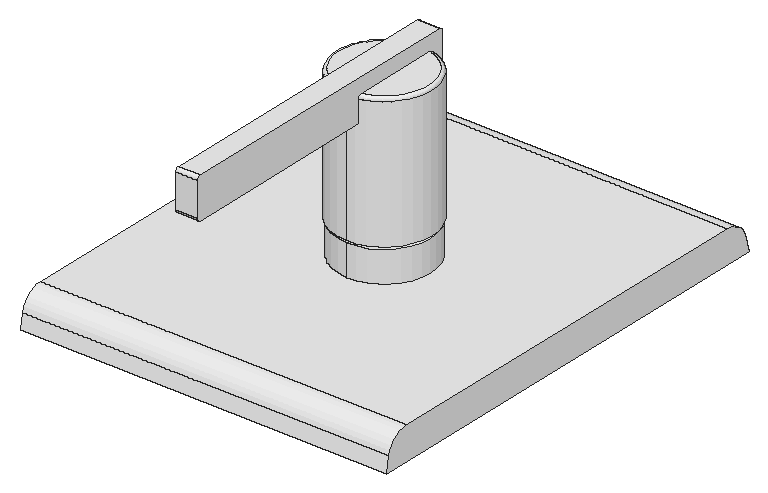
Revit family "Diverter-Valve_Only_Trim-American_Standard-Universal-TU007500.002", category Plumbing Fixtures, host Face, Revit 2019
Family settings
  Host = Face
  Round Connector Dimension = Use Diameter
  Part Type = Normal
  OmniClass Number = 23.45.05.14.17
  OmniClass Title = Showers
  Cut with Voids When Loaded = No
  Shared = Yes
  Room Calculation Point = No
Parameters (values of type "TU007500.002")
  Width = 6 11/16"
  Waste Connection = no
  Warranty Information = "Limited Lifetime Warranty"
  WFU = 4
  Vent Connection = no
  URL = "https://www.americanstandard-us.com"
  Type Comments = ""
  Tempered Water Connection = yes
  R117SS Pressure Balance Rough Valve Body only with Screwdriver stops = no
  R117 Pressure Balance Rough Valve Body only = no
  R110SS Pressure Balance Rough Valve Body only with Screwdriver stops = no
  R115SS Pressure Balance Rough Valve Body only with Screwdriver stops = no
  R115 Pressure Balance Rough Valve Body only = no
  R110 Pressure Balance Rough Valve Body only = no
  Product Page URL = "https://www.americanstandard-us.com/bath-shower-trim-kits/quest-valve-only-trim-kit-with-lever-handle/chrome-tu007500002"
  Product Documentation Link = "https://americanstandard.box.com/shared/static/srhqqu42ipmolik2fgdm98ihvtzftsrd.pdf"
  Price = "Prices may vary. Please consult Manufacturer Representative for most up-to-date price list."  # constant formula
  Model = "TU007500.002"
  Material = "Brass-American Standard-002-Polished Chrome"
  Manufacturer = "American Standard"
  LESS Valve Body = yes
  Installation Type = "Wall Mounted"
  Height = 8 1/4"
  HWFU = 3
  HW Connection = yes
  Finish = Brass-American Standard-002-Polished Chrome
  Description = "UNIVERSAL Quest Valve Only Trim Kit with Lever Handle and Pressure Balance Cartridge Valve Trim only. Metal Lever Handle. LESS Valve Body"
  Default Elevation = 48"  # constant formula
  Creation Date = "05/23/2024"
  Compliance Certifications = "ANSI A117.1"
  CWFU = 3
  CW Connection = yes
  Assembly Code = "D2020300"
  ADA Compliant = yes
Reference planes (in)
  plane 1 "Center (Front/Back)": y = 0.6875
  plane 2: z = 0
  plane 3 "Center (Left/Right)": x = 0
  plane 4: y = 2.625
  plane 5: y = 4.375
  plane 6: y = -3
  plane 7: x = -3.34375
  plane 8: x = 3.34375
  plane 9: y = 4.8125
  plane 10: y = -3.4375
  plane 11 "Trim Distance": z = -2
  plane 12: x = -2.9375
  plane 13: x = 2.9375
  plane 14: y = -1.25
  plane 15: z = -3
Forms (in)
  Extrusion 1, solid, material "Brass-American Standard-002-Polished Chrome" <- "Finish"
    sketch origin (0, 0.6875, 0) x (0, 1, 0) y (0, 0, 1)
      loop
        line (4.125, 0) -> (4.06894, 0.26375)
        arc (4.06894, 0.26375) -> (3.92414, 0.50004) -> (3.66292, 0.59254) r 0.41509
        line (3.66292, 0.59254) -> (-3.66292, 0.59254)
        arc (-3.66292, 0.59254) -> (-3.92414, 0.50004) -> (-4.06894, 0.26375) r 0.41509
        line (-4.06894, 0.26375) -> (-4.125, 0) -> (4.125, 0)
    from -3.34375 to 3.34375
  Revolve 2, solid, material "Brass-American Standard-002-Polished Chrome" <- "Finish"
    sketch origin (0, 5.85707, 1.4638) x (0, 1, 0) y (0, 0, 1)
      loop
        line (-4.2954, -0.24706) -> (-4.2954, 2.12455)
        arc (-4.2954, 2.12455) -> (-4.31298, 2.16698) -> (-4.3554, 2.18455) r 0.06
        line (-4.3554, 2.18455) -> (-5.16957, 2.18455) -> (-5.16957, -0.87126) -> (-4.32361, -0.87126) -> (-4.32361, -0.30798) -> (-4.86477, -0.30798) -> (-4.86477, -0.24706) -> (-4.2954, -0.24706)
      axis (-5.16957, 2.18455) -> (-5.16957, -0.87126)
    angle from 0 to 360
  Extrusion 3, solid, material "Brass-American Standard-002-Polished Chrome" <- "Finish"
    sketch origin (0, 5.85707, 0) x (0, 1, 0) y (0, 0, 1)
      loop
        line (-4.10213, 3.17261) -> (-4.10213, 3.85591)
        arc (-4.10213, 3.85591) -> (-4.1197, 3.89834) -> (-4.16213, 3.91591) r 0.06
        line (-4.16213, 3.91591) -> (-9.61066, 3.91591)
        arc (-9.61066, 3.91591) -> (-9.65309, 3.89834) -> (-9.67066, 3.85591) r 0.06
        line (-9.67066, 3.85591) -> (-9.67066, 3.23261)
        arc (-9.67066, 3.23261) -> (-9.65309, 3.19019) -> (-9.61066, 3.17261) r 0.06
        line (-9.61066, 3.17261) -> (-4.10213, 3.17261)
    from -0.2 to 0.2
Cuts and joins
  joined: Revolve 2, Extrusion 3
Lines and regions (in)
  Masking region 1
    outline origin (0, -1.8125, 0) x (0, 0, 1) y (-1, 0, 0)
      loop
        line (0, 3.34375) -> (0, -3.34375) -> (0.59254, -3.34375) -> (0.59254, -0.84596) -> (1.15582, -0.84596) -> (1.15582, -0.3048) -> (1.21674, -0.3048) -> (1.21674, -0.87416) -> (3.58975, -0.87416)
        arc (3.58975, -0.87416) -> (3.63119, -0.857) -> (3.64835, -0.81557) r 0.05859
        line (3.64835, -0.81557) -> (3.64835, -0.2) -> (3.91591, -0.2) -> (3.91591, 0.2) -> (3.64835, 0.2) -> (3.64835, 0.81557)
        arc (3.64835, 0.81557) -> (3.63119, 0.857) -> (3.58975, 0.87416) r 0.05859
        line (3.58975, 0.87416) -> (1.21674, 0.87416) -> (1.21674, 0.3048) -> (1.15582, 0.3048) -> (1.15582, 0.84596) -> (0.59254, 0.84596) -> (0.59254, 3.34375) -> (0, 3.34375)
  symbolic lines, detail levels medium+fine
    curve 1: line (0.84596, -1.8125, 0.59254) -> (-0.84596, -1.8125, 0.59254)
    curve 2: line (0.3048, -1.8125, 1.15582) -> (-0.3048, -1.8125, 1.15582)
    curve 3: line (-0.3048, -1.8125, 1.21674) -> (0.3048, -1.8125, 1.21674)
    curve 4: line (-0.2, -1.8125, 3.17261) -> (0.2, -1.8125, 3.17261)
    curve 5: line (0.2, -1.8125, 3.64835) -> (0.2, -1.8125, 3.17261)
    curve 6: line (-0.2, -1.8125, 3.64825) -> (-0.2, -1.8125, 3.17261)
Dimensions and locks (in)
  equal spacing: plane 5, plane 1 "Center (Front/Back)", plane 6
  equal spacing: plane 7, plane 3 "Center (Left/Right)", plane 8
  "Width": plane 7 to plane 8
  "Height": plane 10 to plane 9
  level to plane 11 "Trim Distance" = 2"
  plane 12 to plane 13 = 5 7/8"
  equal spacing: plane 10, plane 1 "Center (Front/Back)", plane 9
  locked: plane 11 "Trim Distance" to plane 15 at 1
  plane 5 to plane 6 = 7 3/8"
  plane 4 to plane 14 = 3 7/8"
  equal spacing: plane 4, plane 1 "Center (Front/Back)", plane 14
  aligned and locked: plane 2 to host face
  aligned and locked: curve 4 to cut or joined group of Revolve 2, Extrusion 3
Automatic sketch dimensions
  host sketch curve to host sketch curve = 52.44177"
  host sketch curve to host sketch curve = 66.78148"
  Extrusion 1 sketch curve to level = 0"
  Extrusion 1 sketch curve to plane 10 = 0"
  Extrusion 1 sketch curve to plane 9 = 0"
  plane 10 to Extrusion 1 sketch curve = 0.05606"
  plane 10 to Extrusion 1 sketch curve = 0.46208"
  plane 9 to Extrusion 1 sketch curve = 0.46208"
  plane 9 to Extrusion 1 sketch curve = 0.05606"
  level to Extrusion 1 sketch curve = 0.17745"  (x2)
  level to Extrusion 1 sketch curve = 0.26375"
  Revolve 2 sketch curve to plane 4 = 1 15/16"  (x2)
  Revolve 2 sketch curve to plane 4 = 1.6327"
  Revolve 2 sketch curve to plane 4 = 1.12334"
  Revolve 2 sketch curve to Revolve 2 sketch curve = 0.54116"
  Revolve 2 sketch curve to Revolve 2 sketch curve = 0.02821"
  level to Revolve 2 sketch curve = 0.59254"
  Revolve 2 sketch curve to Revolve 2 sketch curve = 0.56328"
  Revolve 2 sketch curve to Revolve 2 sketch curve = 0.06092"
  Revolve 2 sketch curve to Revolve 2 sketch curve = 2.37161"
  Revolve 2 sketch curve to Revolve 2 sketch curve = 2.51847"
  Revolve 2 sketch curve to Revolve 2 sketch curve = 0.42224"
  plane 1 "Center (Front/Back)" to Extrusion 3 sketch curve = 4.5011"
  Extrusion 3 sketch curve to Extrusion 3 sketch curve = 0.06"  (x3)
  Extrusion 3 sketch curve to plane 4 = 0.93006"
  level to Extrusion 3 sketch curve = 3.17261"
  Extrusion 3 sketch curve to Extrusion 3 sketch curve = 0.6833"
  plane 3 "Center (Left/Right)" to curve 4 = 0.2"
  level to curve 4 = 3.17261"
  curve 3 to plane 3 "Center (Left/Right)" = 0.3048"
  level to curve 3 = 1.21674"
  curve 2 to curve 3 = 0.06092"
  level to curve 1 = 0.59254"
  curve 6 to plane 3 "Center (Left/Right)" = 0.2"
  curve 6 to curve 6 = 0.47564"
  curve 6 to curve 5 = 0.0001"
  plane 3 "Center (Left/Right)" to curve 3 = 0.3048"
  curve 3 to curve 2 = 0"  (x2)
  curve 1 to curve 2 = 0.54116"
  curve 2 to curve 1 = 0.54116"
  Masking region 1 sketch curve to level = 0"
  Masking region 1 sketch curve to plane 8 = 0"
  plane 7 to Masking region 1 sketch curve = 0"
  level to Masking region 1 sketch curve = 0.59254"  (x2)
  Masking region 1 sketch curve to Masking region 1 sketch curve = 0.56328"
  Masking region 1 sketch curve to Masking region 1 sketch curve = 0"  (x3)
  Masking region 1 sketch curve to Masking region 1 sketch curve = 0.06092"  (x2)
  Masking region 1 sketch curve to plane 3 "Center (Left/Right)" = 0.81557"
  Masking region 1 sketch curve to Masking region 1 sketch curve = 2.37301"
  plane 3 "Center (Left/Right)" to Masking region 1 sketch curve = 0.81557"
  plane 3 "Center (Left/Right)" to Masking region 1 sketch curve = 0.2"
  Masking region 1 sketch curve to Masking region 1 sketch curve = 15/256"
  Masking region 1 sketch curve to plane 3 "Center (Left/Right)" = 0.2"
  Masking region 1 sketch curve to Masking region 1 sketch curve = 0.26756"
  Masking region 1 sketch curve to Masking region 1 sketch curve = 0.02821"  (x2)
  plane 3 "Center (Left/Right)" to Masking region 1 sketch curve = 0.3048"
  Masking region 1 sketch curve to plane 3 "Center (Left/Right)" = 0.3048"
